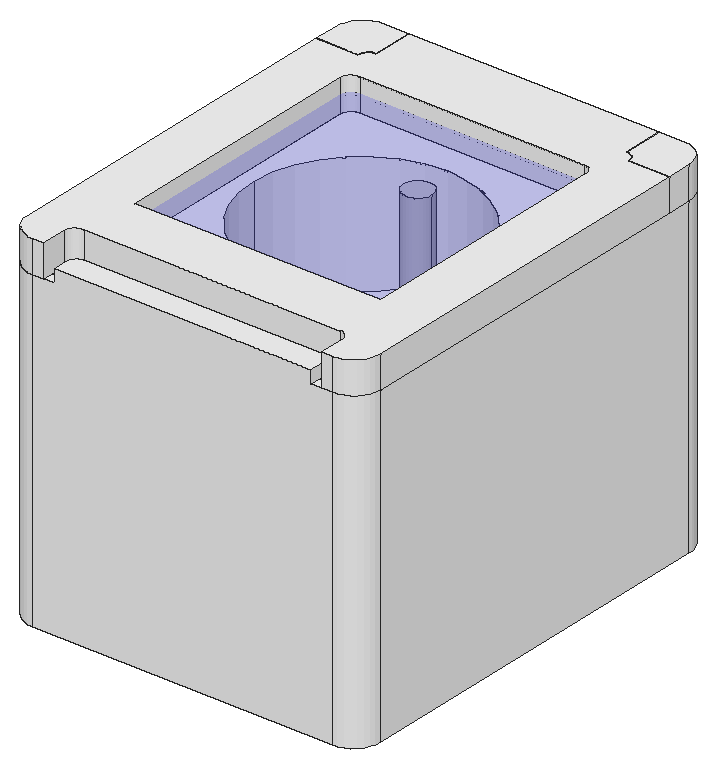
Revit family "Domotics-DomesticRanges-GEWISS-27COMBI_SYSTEM-IP55_SOCKET-OUTLET_FRA", category Apparecchi elettrici, host Superficie, Revit 2016
Family settings
  Host = Superficie
  Mantenere orientamento annotazione = Sì
  Tipo di parte = Normale
  Quota connettore circolare = Usa diametro
  Taglio con vuoti quando caricato = No
  Condiviso = No
  Punto di calcolo locali = Sì
Parameters (values of type "GW27845 - 2P+E 16A french std socket IP55")
  Voltage: = "250 V ac"
  Voltage = "250 V ac"
  Volt = 230 V
  Vista in pianta [instance] = yes
  Version file RFA = "19.4"
  URL = "https://www.gewiss.com/ww/en"
  Type of knockout holes = "Removable with tool"
  Torque screws tightening = "0,8NM"
  Thermo-pressure with ball = "70 °C"
  Technical sheet = "https://www.gewiss.com/ww/en/search?q=GW27845"
  TXT ELETTRICO [instance] = "16"
  Standard; = "IEC 60884-1"
  Standard = "IEC 60884-1"
  Sportello chiuso [instance] = yes
  Simbolo [instance] = yes
  SEO = "Enclosure"
  Realized by GEWISS S.p.A. = ""
  Default Elevation = 1219.2 mm
  Produttore = "GEWISS S.p.A."
  Outer dim. LxHxD (mm) = "66x82x65"
  No. knockout holes Ã˜23 = "3 on sides / 1 on the bottom"
  N. poli = 1
  N. holes Ã˜ 23 with cable gland = "1"
  Modello = "GW27845"
  Lid screws = "Stainless steel"
  Insulation class = "II"
  Installation temperature = "-25 +60 °C"
  Immagine tipo = GW27845.jpg
  IP degree = "IP55"
  IFC.TypeObject = ""
  IFC.ExportType = ""
  IFC.ExportAs = ""
  IDT = "11e1d007-a5aa-4de5-b22c-509fa6353a3c"
  IDF = "808ca632-b93e-46bc-af07-e022c3dcd60a"
  Glow Wire Test = "650°C"
  Electrocod = "0131"
  EAN code = "8011564095496"
  Door type = "With membrane"
  Door colour: = "Transparent"
  Distanza_x [instance] = 0 mm
  Distanza_effettiva_y [instance] = 100 mm
  Distanza_effettiva_x [instance] = 1000 mm - Distanza_x  # 1000 mm
  Distanza orizzontale del simbolo [instance] = 98.11 mm
  Distanza dal muro [instance] = 4.208 mm
  Descrizione = "2P+E 16A FRENCH STD SOCKET IP55"
  Description: = "Socket-outlet 2P+E - 16A"
  Colour = "Grey RAL 7035"
  Characteristics = "French standard"
  Catalogue Range = "27COMBI"
  Catalogue = "DOMOTICS"
  Carico apparente = 0 VA
  COBie.Tagnumber = ""
  COBie.CreatedOn = ""
  COBie.CreatebBy = ""
  COBie.ComponentRegisterItemID = ""
  COBie.Component.TagNumber = ""
  COBie.Component.Space = ""
  COBie.Component.SerialNumber = ""
  COBie.Component.InstallationDate = ""
  COBie.Component.Description = ""
  COBie.Component.BarCode = ""
Reference planes
  plane 1 "Centro (Fronte/Retro)": y = 0
  plane 2: z = 0
  plane 3 "Centro (Sinistra/Destra)": x = 0
  plane 4: x = -1000
  plane 5: x = 0
  plane 6: y = 100
Lines and regions (mm)
  Masking region 1, visible <- "Vista in pianta"
    outline origin (0, 0, 0) x (1, 0, 0) y (0, 0, 1)
      loop
        line (-33, 65) -> (-33, 0) -> (33, 0) -> (33, 65) -> (-33, 65)
  Masking region 2, visible <- "Vista in pianta"
    outline origin (0, 0, 0) x (0, 1, 0) y (0, 0, 1)
      loop
        line (-35.488, 65) -> (-35.488, 0) -> (46.512, 0) -> (46.512, 65) -> (-35.488, 65)
  Masking region 3, visible <- "Vista in pianta"
    outline origin (0, 0, 0) x (1, 0, 0) y (0, 1, 0)
      loop
        line (-28, -35.488) -> (28, -35.488)
        arc (28, -35.488) -> (31.536, -34.024) -> (33, -30.488) r 5
        line (33, -30.488) -> (33, 41.512)
        arc (33, 41.512) -> (31.536, 45.048) -> (28, 46.512) r 5
        line (28, 46.512) -> (-28, 46.512)
        arc (-28, 46.512) -> (-31.536, 45.048) -> (-33, 41.512) r 5
        line (-33, 41.512) -> (-33, -30.488)
        arc (-33, -30.488) -> (-31.536, -34.024) -> (-28, -35.488) r 5
      loop
        line (-31, 41.512) -> (-31, -30.488)
        arc (-31, -30.488) -> (-30.121, -32.609) -> (-28, -33.488) r 3
        line (-28, -33.488) -> (28, -33.488)
        arc (28, -33.488) -> (30.121, -32.609) -> (31, -30.488) r 3
        line (31, -30.488) -> (31, 41.512)
        arc (31, 41.512) -> (30.121, 43.633) -> (28, 44.512) r 3
        line (28, 44.512) -> (-28, 44.512)
        arc (-28, 44.512) -> (-30.121, 43.633) -> (-31, 41.512) r 3
      loop
        line (-23, -17.988) -> (23, -17.988) -> (23, 30.012)
        arc (23, 30.012) -> (22.414, 31.426) -> (21, 32.012) r 2
        line (21, 32.012) -> (-21, 32.012)
        arc (-21, 32.012) -> (-22.414, 31.426) -> (-23, 30.012) r 2
        line (-23, 30.012) -> (-23, -17.988)
      loop
        circle (0, 6.25) r 20.156
      loop
        circle (-11.281, 6.543) r 3.536
      loop
        circle (0, 19.432) r 2.674
      loop
        circle (11.281, 6.543) r 3.536
      loop
        arc (-23.996, -28.735) -> (-25.41, -29.321) -> (-25.996, -30.735) r 2
        line (-25.996, -30.735) -> (-25.996, -33.111) -> (25.996, -33.111) -> (25.996, -30.735)
        arc (25.996, -30.735) -> (25.41, -29.321) -> (23.996, -28.735) r 2
        line (23.996, -28.735) -> (-23.996, -28.735)
      loop
        arc (23.996, -32.735) -> (23.41, -31.321) -> (21.996, -30.735) r 2
        line (21.996, -30.735) -> (-21.996, -30.735)
        arc (-21.996, -30.735) -> (-23.41, -31.321) -> (-23.996, -32.735) r 2
        line (-23.996, -32.735) -> (23.996, -32.735)
Dimensions and locks
  plane 4 to plane 3 "Centro (Sinistra/Destra)" = 1000 mm
  "Distanza_effettiva_x": plane 4 to plane 5
  "Distanza_effettiva_y": plane 6 to plane 1 "Centro (Fronte/Retro)"
  aligned and locked: plane 2 to host face
  aligned and locked: level to host face
  aligned and locked: plane 3 "Centro (Sinistra/Destra)" to nested 1
  aligned and locked: plane 1 "Centro (Fronte/Retro)" to nested 1
  aligned and locked: plane 5 to nested 2
  aligned and locked: nested 2 to plane 6
  aligned and locked: Masking region 1 sketch curve to nested 1  (x4)
  aligned and locked: Masking region 2 sketch curve to nested 1  (x4)
Automatic sketch dimensions
  host sketch curve to host sketch curve = 2438.4 mm  (x2)
  Masking region 3 sketch curve to Masking region 3 sketch curve = 0 mm  (x9)
  Masking region 3 sketch curve to plane 3 "Centro (Sinistra/Destra)" = 0 mm  (x2)
  Masking region 3 sketch curve to plane 3 "Centro (Sinistra/Destra)" = 11.281 mm
  Masking region 3 sketch curve to plane 3 "Centro (Sinistra/Destra)" = 21 mm
  Masking region 3 sketch curve to plane 3 "Centro (Sinistra/Destra)" = 21.996 mm
  Masking region 3 sketch curve to Masking region 3 sketch curve = 1.004 mm
  Masking region 3 sketch curve to Masking region 3 sketch curve = 2 mm  (x6)
  Masking region 3 sketch curve to Masking region 3 sketch curve = 7 mm  (x2)
  Masking region 3 sketch curve to Masking region 3 sketch curve = 2.004 mm
  Masking region 3 sketch curve to Masking region 3 sketch curve = 3 mm  (x2)
  plane 3 "Centro (Sinistra/Destra)" to Masking region 3 sketch curve = 11.281 mm
  plane 3 "Centro (Sinistra/Destra)" to Masking region 3 sketch curve = 21 mm
  plane 3 "Centro (Sinistra/Destra)" to Masking region 3 sketch curve = 21.996 mm
  Masking region 3 sketch curve to Masking region 3 sketch curve = 4.004 mm
  plane 1 "Centro (Fronte/Retro)" to Masking region 3 sketch curve = 35.488 mm
  Masking region 3 sketch curve to Masking region 3 sketch curve = 0.377 mm  (x2)
  Masking region 3 sketch curve to Masking region 3 sketch curve = 10.747 mm
  Masking region 3 sketch curve to plane 1 "Centro (Fronte/Retro)" = 6.25 mm
  Masking region 3 sketch curve to plane 1 "Centro (Fronte/Retro)" = 6.543 mm  (x2)
  Masking region 3 sketch curve to Masking region 3 sketch curve = 13.182 mm
  Masking region 3 sketch curve to Masking region 3 sketch curve = 10.58 mm
  Masking region 3 sketch curve to Masking region 3 sketch curve = 9.5 mm
  Masking region 3 sketch curve to Masking region 3 sketch curve = 2.674 mm
  Masking region 3 sketch curve to Masking region 3 sketch curve = 3.536 mm  (x2)
  Masking region 3 sketch curve to Masking region 3 sketch curve = 5.339 mm
Nested families
  nested 1: "System Contenitori IP55 Compl Prese Fra_GENERICO" at (0, 0, 0), Sportellino Chiuso <- "Sportello chiuso", type "GW27845 Presa standard Francese 2P+T 16A stagna"
    with Sportellino Chiuso yes, Sportellino Aperto no
  nested 2: "SIMBOLO PRESE" at (0, 100, 0), TESTO ELETTRICO <- "TXT ELETTRICO", Distanza dal muro <- "Distanza dal muro", SIMBOLO <- "Simbolo", visible <- "Simbolo", type "PRESA"
    with TESTO ELETTRICO "16", SIMBOLO yes, Distanza dal muro 4.208 mm, BORDO ACCESO yes
Connectors
  electrical at (0, 5.512, 0), driven by "N. poli", driven by "Volt", driven by "Carico apparente"
    settings: on nested 1, index 1, voltage 230 V, apparent load 0 VA, apparent load phase1 0 VA, apparent load phase2 0 VA, apparent load phase3 0 VA, power factor 1, load classification "Altro", number of poles 1, system type 31, power factor state 1, is connector primary yes, connector utility no, sub classification motor no, connector description ""
Definition of nested family "System Contenitori IP55 Compl Prese Fra_GENERICO"
  Parameters (values of type "GW27845 Presa standard Francese 2P+T 16A stagna")
    Vetro Sportello = none
    Sportellino Chiuso [instance] = yes
    Sportellino Aperto [instance] = not(Sportellino Chiuso)  # no
    Profondità = 32 mm
    Lunghezza = 82 mm
    Larghezza = 66 mm
    Contenitore = none
    Altezza da terra = 750 mm
  Reference planes
    plane 1 "Centro (Fronte/Retro)": y = 0
    plane 2: z = 0
    plane 3 "Centro (Sinistra/Destra)": x = 0
    plane 4: y = -35.488
    plane 5: x = -33
    plane 6: x = 33
    plane 7: y = 46.512
    plane 8: x = -23
    plane 9: x = 23
    plane 10: y = -17.988
    plane 11: y = 41.512
    plane 12: y = 43.737
    plane 13 "Lato Superiore Vetro Aperto": y = 44.237
    plane 14: z = 65
    plane 15: z = 59
    plane 16: z = 62.25
    plane 17: z = 61.75
    plane 18: z = 60
    plane 19: z = 36
    plane 20: z = 35
  Forms (mm)
    Extrusion 1, solid, material <- "Contenitore"
      sketch origin (0, 0, 27) x (1, 0, 0) y (0, 1, 0)
        loop
          arc (-28, 46.512) -> (-31.536, 45.048) -> (-33, 41.512) r 5
          line (-33, 41.512) -> (-33, -30.488)
          arc (-33, -30.488) -> (-31.536, -34.024) -> (-28, -35.488) r 5
          line (-28, -35.488) -> (28, -35.488)
          arc (28, -35.488) -> (31.536, -34.024) -> (33, -30.488) r 5
          line (33, -30.488) -> (33, 41.512)
          arc (33, 41.512) -> (31.536, 45.048) -> (28, 46.512) r 5
          line (28, 46.512) -> (-28, 46.512)
        loop
          arc (-31, -30.488) -> (-30.121, -32.609) -> (-28, -33.488) r 3
          line (-28, -33.488) -> (28, -33.488)
          arc (28, -33.488) -> (30.121, -32.609) -> (31, -30.488) r 3
          line (31, -30.488) -> (31, 41.512)
          arc (31, 41.512) -> (30.121, 43.633) -> (28, 44.512) r 3
          line (28, 44.512) -> (-28, 44.512)
          arc (-28, 44.512) -> (-30.121, 43.633) -> (-31, 41.512) r 3
          line (-31, 41.512) -> (-31, -30.488)
      from 32 to -27
    Extrusion 2, solid, material <- "Contenitore", visible <- "Sportellino Chiuso", detail levels fine
      sketch origin (0, 0, 27) x (1, 0, 0) y (0, 1, 0)
        loop
          line (-23.414, 46.512) -> (-23.414, 38.927)
          arc (-23.414, 38.927) -> (-24.751, 38.373) -> (-25.304, 37.037) r 1.89
          line (-25.304, 37.037) -> (-33, 37.037) -> (-33, -30.488)
          arc (-33, -30.488) -> (-31.536, -34.024) -> (-28, -35.488) r 5
          line (-28, -35.488) -> (-25.996, -35.488) -> (-25.996, -30.735)
          arc (-25.996, -30.735) -> (-25.41, -29.321) -> (-23.996, -28.735) r 2
          line (-23.996, -28.735) -> (23.996, -28.735)
          arc (23.996, -28.735) -> (25.41, -29.321) -> (25.996, -30.735) r 2
          line (25.996, -30.735) -> (25.996, -35.488) -> (28, -35.488)
          arc (28, -35.488) -> (31.536, -34.024) -> (33, -30.488) r 5
          line (33, -30.488) -> (33, 37.037) -> (25.304, 37.037)
          arc (25.304, 37.037) -> (24.751, 38.373) -> (23.414, 38.927) r 1.89
          line (23.414, 38.927) -> (23.414, 46.512) -> (-23.414, 46.512)
        loop
          arc (-21, 32.012) -> (-22.414, 31.426) -> (-23, 30.012) r 2
          line (-23, 30.012) -> (-23, -17.988) -> (23, -17.988) -> (23, 30.012)
          arc (23, 30.012) -> (22.414, 31.426) -> (21, 32.012) r 2
          line (21, 32.012) -> (-21, 32.012)
      from 38 to 32
    Extrusion 3, solid, material <- "Contenitore"
      sketch origin (0, 0, 27) x (1, 0, 0) y (0, 1, 0)
        loop
          line (-23.996, -35.488) -> (23.996, -35.488) -> (23.996, -32.735)
          arc (23.996, -32.735) -> (23.41, -31.321) -> (21.996, -30.735) r 2
          line (21.996, -30.735) -> (-21.996, -30.735)
          arc (-21.996, -30.735) -> (-23.41, -31.321) -> (-23.996, -32.735) r 2
          line (-23.996, -32.735) -> (-23.996, -35.488)
      from 32 to 34.388
    Extrusion 4, solid, material <- "Vetro Sportello", visible <- "Sportellino Chiuso"
      sketch origin (0, 0, 29.5) x (1, 0, 0) y (0, 1, 0)
        loop
          arc (-21, 32.012) -> (-22.414, 31.426) -> (-23, 30.012) r 2
          line (-23, 30.012) -> (-23, -17.988) -> (23, -17.988) -> (23, 30.012)
          arc (23, 30.012) -> (22.414, 31.426) -> (21, 32.012) r 2
          line (21, 32.012) -> (-21, 32.012)
      from 32.25 to 32.75
    Extrusion 5, solid, material <- "Contenitore", detail levels fine
      sketch origin (0, 0, 27) x (1, 0, 0) y (0, 1, 0)
        loop
          arc (-28, 46.512) -> (-31.536, 45.048) -> (-33, 41.512) r 5
          line (-33, 41.512) -> (-33, 37.037) -> (-25.304, 37.037)
          arc (-25.304, 37.037) -> (-24.751, 38.373) -> (-23.414, 38.927) r 1.89
          line (-23.414, 38.927) -> (-23.414, 46.512) -> (-28, 46.512)
      from 32 to 38
    Extrusion 6, solid, material <- "Contenitore", detail levels fine
      sketch origin (0, 0, 27) x (1, 0, 0) y (0, 1, 0)
        loop
          line (23.414, 46.512) -> (23.414, 38.927)
          arc (23.414, 38.927) -> (24.751, 38.373) -> (25.304, 37.037) r 1.89
          line (25.304, 37.037) -> (33, 37.037) -> (33, 41.512)
          arc (33, 41.512) -> (31.536, 45.048) -> (28, 46.512) r 5
          line (28, 46.512) -> (23.414, 46.512)
      from 32 to 38
    Extrusion 7, solid, material <- "Contenitore", visible <- "Sportellino Aperto", detail levels fine
      sketch origin (0, -785.488, 59) x (1, 0, 0) y (0, 0, -1)
        loop
          line (-23.414, 0) -> (-23.414, -7.585)
          arc (-23.414, -7.585) -> (-24.751, -8.139) -> (-25.304, -9.475) r 1.89
          line (-25.304, -9.475) -> (-33, -9.475) -> (-33, -77)
          arc (-33, -77) -> (-31.536, -80.536) -> (-28, -82) r 5
          line (-28, -82) -> (-25.996, -82) -> (-25.996, -77.697)
          arc (-25.996, -77.697) -> (-25.278, -75.964) -> (-23.545, -75.247) r 2.45
          line (-23.545, -75.247) -> (23.496, -75.247)
          arc (23.496, -75.247) -> (25.264, -75.979) -> (25.996, -77.747) r 2.5
          line (25.996, -77.747) -> (25.996, -82) -> (28, -82)
          arc (28, -82) -> (31.536, -80.536) -> (33, -77) r 5
          line (33, -77) -> (33, -9.475) -> (25.304, -9.475)
          arc (25.304, -9.475) -> (24.751, -8.139) -> (23.414, -7.585) r 1.89
          line (23.414, -7.585) -> (23.414, 0) -> (-23.414, 0)
        loop
          arc (-20.971, -14.5) -> (-22.406, -15.094) -> (-23, -16.529) r 2.029
          line (-23, -16.529) -> (-23, -64.5) -> (23, -64.5) -> (23, -16.473)
          arc (23, -16.473) -> (22.422, -15.078) -> (21.027, -14.5) r 1.973
          line (21.027, -14.5) -> (-20.971, -14.5)
      from 827 to 832
    Extrusion 8, solid, material <- "Contenitore"
      sketch origin (0, 0, 54) x (1, 0, 0) y (0, 1, 0)
        loop
          arc (-31, -30.488) -> (-30.121, -32.609) -> (-28, -33.488) r 3
          line (-28, -33.488) -> (28, -33.488)
          arc (28, -33.488) -> (30.121, -32.609) -> (31, -30.488) r 3
          line (31, -30.488) -> (31, 41.512)
          arc (31, 41.512) -> (30.121, 43.633) -> (28, 44.512) r 3
          line (28, 44.512) -> (-28, 44.512)
          arc (-28, 44.512) -> (-30.121, 43.633) -> (-31, 41.512) r 3
          line (-31, 41.512) -> (-31, -30.488)
        loop
          line (21, 32.012) -> (-21, 32.012)
          arc (-21, 32.012) -> (-22.414, 31.426) -> (-23, 30.012) r 2
          line (-23, 30.012) -> (-23, -17.988) -> (23, -17.988) -> (23, 30.012)
          arc (23, 30.012) -> (22.414, 31.426) -> (21, 32.012) r 2
      from 5 to -19
    Extrusion 9, solid, material <- "Contenitore"
      sketch origin (0, 0, 0) x (1, 0, 0) y (0, 1, 0)
        loop
          line (21, 32.012) -> (-21, 32.012)
          arc (-21, 32.012) -> (-22.414, 31.426) -> (-23, 30.012) r 2
          line (-23, 30.012) -> (-23, -17.988) -> (23, -17.988) -> (23, 30.012)
          arc (23, 30.012) -> (22.414, 31.426) -> (21, 32.012) r 2
      from 36 to 35
    Extrusion 10, solid, material <- "Contenitore"
      sketch origin (0, 0, 0) x (1, 0, 0) y (0, 1, 0)
        loop
          circle (0, 6.25) r 20.156
        loop
          line (21, 32.012) -> (-21, 32.012)
          arc (-21, 32.012) -> (-22.414, 31.426) -> (-23, 30.012) r 2
          line (-23, 30.012) -> (-23, -17.988) -> (23, -17.988) -> (23, 30.012)
          arc (23, 30.012) -> (22.414, 31.426) -> (21, 32.012) r 2
      from 36 to 59
    Extrusion 11, solid
      sketch origin (0, 0, 0) x (1, 0, 0) y (0, 1, 0)
        loop
          circle (-11.281, 6.543) r 3.536
        loop
          circle (11.281, 6.543) r 3.536
      from 0 to 35
    Extrusion 12, void, detail levels fine
      sketch origin (0, 0, 0) x (1, 0, 0) y (0, 1, 0)
        loop
          circle (-11.281, 6.543) r 3.536
        loop
          circle (11.281, 6.543) r 3.536
      from 35 to 36
    Extrusion 13, solid, detail levels fine
      sketch origin (0, 0, 0) x (1, 0, 0) y (0, 1, 0)
        loop
          circle (0, 19.432) r 2.674
      from 36 to 59
  Cuts and joins
    joined: Extrusion 1, Extrusion 3
    Extrusion 12 cuts Extrusion 4
    Extrusion 12 cuts Extrusion 9
    Extrusion 12 cuts Extrusion 11
  Lines and regions (mm)
    model lines, detail levels medium+fine
      curve 1: circle (0, 6.25, 36) r 20.156 normal (0, 0, -1)
    model lines, detail levels fine
      curve 2: circle (-11.281, 6.543, 36) r 3.536 normal (0, 0, -1)
      curve 3: circle (11.281, 6.543, 36) r 3.536 normal (0, 0, -1)
      curve 4: circle (0, 19.432, 36) r 2.674 normal (0, 0, 1)
  Dimensions and locks
    equal spacing: plane 6, plane 3 "Centro (Sinistra/Destra)", plane 5
    "Larghezza": plane 6 to plane 5
    locked: plane 9 to plane 6 at 10
    locked: plane 8 to plane 5 at 10
    plane 14 to plane 2 = 65 mm
    locked: plane 14 to plane 15 at 6
    plane 14 to plane 15 = 6 mm
    plane 14 to plane 16 to plane 17 = 2.75 mm locked, 0.5 mm locked
    Extrusion 2 to Extrusion 8 = 30 mm
    locked: plane 15 to plane 19 at 23
    aligned and locked: level to plane 2
    aligned and locked: plane 5 to Extrusion 2 sketch curve
    aligned and locked: plane 6 to Extrusion 2 sketch curve
    aligned and locked: Extrusion 2 sketch curve to plane 7
    aligned and locked: plane 4 to Extrusion 2 sketch curve  (x2)
    aligned and locked: plane 8 to Extrusion 4 sketch curve
    aligned and locked: plane 9 to Extrusion 4 sketch curve
    aligned and locked: plane 10 to Extrusion 4 sketch curve
    aligned and locked: plane 8 to Extrusion 2 sketch curve
    aligned and locked: plane 10 to Extrusion 2 sketch curve
    aligned and locked: plane 9 to Extrusion 2 sketch curve
    aligned and locked: Extrusion 5 sketch curve to plane 7
    aligned and locked: Extrusion 6 sketch curve to plane 7
    aligned and locked: plane 6 to Extrusion 6 sketch curve
    aligned and locked: Extrusion 7 sketch curve to plane 5
    aligned and locked: plane 6 to Extrusion 7 sketch curve
    aligned and locked: plane 8 to Extrusion 7 sketch curve
    aligned and locked: Extrusion 7 sketch curve to plane 9
    aligned and locked: Extrusion 7 to plane 7
    aligned and locked: Extrusion 7 to plane 11
    aligned and locked: Extrusion 2 to Extrusion 5  (x2)
    aligned and locked: plane 14 to Extrusion 2
    aligned and locked: plane 15 to Extrusion 8
    aligned and locked: Extrusion 2 to Extrusion 8
    aligned and locked: Extrusion 6 to Extrusion 2
    aligned and locked: Extrusion 2 to Extrusion 6
    aligned and locked: Extrusion 3 to Extrusion 2
    aligned and locked: Extrusion 4 to plane 17
    aligned and locked: Extrusion 4 to plane 16
    aligned and locked: Extrusion 1 to Extrusion 2
    aligned and locked: Extrusion 9 to plane 20
    aligned and locked: Extrusion 10 to curve 1
    aligned and locked: Extrusion 10 to Extrusion 2
    aligned and locked: Extrusion 8 to Extrusion 9
    aligned and locked: plane 20 to Extrusion 11
    aligned and locked: Extrusion 8 to Extrusion 12
    aligned and locked: curve 1 to Extrusion 12
  Automatic sketch dimensions
    Extrusion 3 sketch curve to plane 4 = 0 mm
    Extrusion 3 sketch curve to plane 8 = 0.996 mm
    plane 8 to Extrusion 3 sketch curve = 1.004 mm
    plane 9 to Extrusion 3 sketch curve = 1.004 mm
    Extrusion 3 sketch curve to plane 9 = 0.996 mm
    plane 4 to Extrusion 3 sketch curve = 2.753 mm
    plane 5 to Extrusion 7 sketch curve = 5 mm
    Extrusion 7 sketch curve to Extrusion 7 sketch curve = 2.004 mm  (x2)
    Extrusion 7 sketch curve to plane 8 = 2.304 mm
    Extrusion 7 sketch curve to plane 8 = 0.545 mm
    Extrusion 7 sketch curve to plane 8 = 0.414 mm
    plane 8 to Extrusion 7 sketch curve = 2.029 mm
    plane 9 to Extrusion 7 sketch curve = 1.973 mm
    Extrusion 7 sketch curve to plane 9 = 0.414 mm
    Extrusion 7 sketch curve to plane 9 = 0.496 mm
    Extrusion 7 sketch curve to Extrusion 7 sketch curve = 1.89 mm
    Extrusion 7 sketch curve to plane 9 = 2.996 mm
    level to Extrusion 7 sketch curve = 141 mm
    Extrusion 7 sketch curve to Extrusion 7 sketch curve = 0 mm
    Extrusion 7 sketch curve to Extrusion 7 sketch curve = 0.747 mm
    Extrusion 7 sketch curve to Extrusion 7 sketch curve = 10.747 mm
    Extrusion 7 sketch curve to Extrusion 7 sketch curve = 47.971 mm
    Extrusion 7 sketch curve to Extrusion 7 sketch curve = 5.025 mm  (x2)
    Extrusion 7 sketch curve to Extrusion 7 sketch curve = 7.585 mm
    Extrusion 1 sketch curve to Extrusion 1 sketch curve = 0 mm  (x8)
    Extrusion 1 sketch curve to plane 5 = 0 mm
    Extrusion 1 sketch curve to plane 11 = 0 mm  (x2)
    Extrusion 1 sketch curve to plane 4 = 0 mm
    Extrusion 1 sketch curve to plane 7 = 0 mm
    Extrusion 1 sketch curve to plane 6 = 0 mm
    plane 5 to Extrusion 1 sketch curve = 2 mm
    Extrusion 1 sketch curve to Extrusion 1 sketch curve = 3 mm
    plane 6 to Extrusion 1 sketch curve = 5 mm
    Extrusion 2 sketch curve to Extrusion 2 sketch curve = 5 mm
    Extrusion 2 sketch curve to Extrusion 2 sketch curve = 2.004 mm  (x2)
    Extrusion 2 sketch curve to plane 8 = 2.304 mm
    Extrusion 2 sketch curve to plane 8 = 0.996 mm
    Extrusion 2 sketch curve to plane 8 = 0.414 mm
    Extrusion 2 sketch curve to Extrusion 2 sketch curve = 2 mm  (x2)
    Extrusion 2 sketch curve to plane 9 = 0.414 mm
    Extrusion 2 sketch curve to plane 9 = 0.996 mm
    Extrusion 2 sketch curve to Extrusion 2 sketch curve = 1.89 mm
    Extrusion 2 sketch curve to plane 9 = 2.996 mm
    Extrusion 2 sketch curve to Extrusion 2 sketch curve = 0.247 mm
    Extrusion 2 sketch curve to plane 11 = 11.5 mm
    Extrusion 2 sketch curve to plane 11 = 4.475 mm  (x2)
    Extrusion 4 sketch curve to Extrusion 4 sketch curve = 2 mm  (x2)
    Extrusion 4 sketch curve to plane 11 = 11.5 mm
    Extrusion 5 sketch curve to plane 5 = 0 mm
    Extrusion 5 sketch curve to plane 11 = 0 mm
    Extrusion 5 sketch curve to plane 8 = 2.304 mm
    Extrusion 5 sketch curve to plane 8 = 0.414 mm
    Extrusion 5 sketch curve to plane 11 = 2.585 mm
    Extrusion 6 sketch curve to plane 11 = 0 mm
    Extrusion 6 sketch curve to plane 9 = 2.304 mm
    Extrusion 6 sketch curve to plane 9 = 0.414 mm
    Extrusion 6 sketch curve to plane 11 = 2.585 mm
    Extrusion 8 sketch curve to plane 11 = 0 mm  (x2)
    Extrusion 8 sketch curve to plane 8 = 0 mm
    Extrusion 8 sketch curve to plane 9 = 0 mm
    Extrusion 8 sketch curve to plane 10 = 0 mm
    plane 5 to Extrusion 8 sketch curve = 5 mm  (x2)
    plane 5 to Extrusion 8 sketch curve = 2 mm
    plane 8 to Extrusion 8 sketch curve = 2 mm
    Extrusion 8 sketch curve to Extrusion 8 sketch curve = 2 mm
    plane 6 to Extrusion 8 sketch curve = 5 mm
    plane 4 to Extrusion 8 sketch curve = 2 mm
    Extrusion 8 sketch curve to Extrusion 8 sketch curve = 3 mm
    Extrusion 8 sketch curve to plane 11 = 11.5 mm
    Extrusion 9 sketch curve to plane 8 = 0 mm
    Extrusion 9 sketch curve to plane 9 = 0 mm
    Extrusion 9 sketch curve to plane 10 = 0 mm
    Extrusion 9 sketch curve to Extrusion 9 sketch curve = 2 mm
    plane 9 to Extrusion 9 sketch curve = 2 mm
    Extrusion 9 sketch curve to plane 11 = 11.5 mm
    curve 4 to plane 3 "Centro (Sinistra/Destra)" = 0 mm
    curve 1 to plane 3 "Centro (Sinistra/Destra)" = 0 mm
    curve 2 to plane 3 "Centro (Sinistra/Destra)" = 11.281 mm
    plane 3 "Centro (Sinistra/Destra)" to curve 3 = 11.281 mm
    Extrusion 10 sketch curve to plane 8 = 0 mm
    Extrusion 10 sketch curve to plane 3 "Centro (Sinistra/Destra)" = 0 mm
    Extrusion 10 sketch curve to plane 9 = 0 mm
    Extrusion 10 sketch curve to plane 10 = 0 mm
    Extrusion 10 sketch curve to Extrusion 10 sketch curve = 2 mm  (x2)
    Extrusion 10 sketch curve to plane 11 = 11.5 mm
    curve 4 to plane 1 "Centro (Fronte/Retro)" = 19.432 mm
    curve 3 to plane 1 "Centro (Fronte/Retro)" = 6.543 mm
    curve 2 to plane 1 "Centro (Fronte/Retro)" = 6.543 mm
    curve 1 to plane 1 "Centro (Fronte/Retro)" = 6.25 mm
    Extrusion 10 sketch curve to plane 1 "Centro (Fronte/Retro)" = 6.25 mm
    Extrusion 12 sketch curve to plane 3 "Centro (Sinistra/Destra)" = 11.281 mm
    Extrusion 12 sketch curve to plane 1 "Centro (Fronte/Retro)" = 6.543 mm  (x2)
    Extrusion 12 sketch curve to Extrusion 12 sketch curve = 3.536 mm  (x2)
    Extrusion 12 sketch curve to Extrusion 12 sketch curve = 0 mm  (x2)
    plane 3 "Centro (Sinistra/Destra)" to Extrusion 12 sketch curve = 11.281 mm
    radius of curve 1 = 20.156 mm
    radius of curve 2 = 3.536 mm
    radius of curve 3 = 3.536 mm
    radius of curve 4 = 2.674 mm
    radius of Extrusion 10 sketch curve = 20.156 mm
Definition of nested family "SIMBOLO PRESE"
  Parameters (values of type "PRESA")
    TESTO ELETTRICO [instance] = "TXT"
    Simbolo = SIMBOLO PRESE_BASE : PRESA
    SIMBOLO [instance] = yes
    Distanza dal muro [instance] = 4.208 mm
    BORDO ACCESO [instance] = yes
  Reference planes
    plane 1: y = 0
    plane 2: x = 0
  Dimensions and locks
    aligned and locked: plane 1 to nested 1
    aligned and locked: plane 2 to nested 1
  Nested families
    nested 1: "SIMBOLO PRESE_BASE" at (0, 0, 0), type <- "Simbolo", TESTO ELETTRICO <- "TESTO ELETTRICO", BORDO ACCESO <- "BORDO ACCESO", visible <- "SIMBOLO", type "PRESA"
      with TESTO ELETTRICO "TXT", BORDO ACCESO yes
  Definition of nested family "SIMBOLO PRESE_BASE"
    Parameters (values of type "PRESA")
      TESTO ELETTRICO [instance] = "TXT"
      Distanza dal muro = 4.208 mm
      BORDO ACCESO [instance] = yes
    Reference planes
      plane 1: y = 0
      plane 2: x = 0
    Lines and regions (mm)
      detail lines, visible <- "BORDO ACCESO", not visible
        curve 1: line (-1.743, 9.208, 0) -> (2.057, 9.208, 0)
        curve 2: line (2.057, 9.208, 0) -> (2.057, 4.208, 0)
        curve 3: line (2.057, 4.208, 0) -> (-1.743, 4.208, 0)
        curve 4: line (-1.743, 4.208, 0) -> (-1.743, 9.208, 0)
        curve 5: line (-1.543, 9.008, 0) -> (1.857, 9.008, 0)
        curve 6: line (1.857, 9.008, 0) -> (1.857, 4.408, 0)
        curve 7: line (1.857, 4.408, 0) -> (-1.543, 4.408, 0)
        curve 8: line (-1.543, 4.408, 0) -> (-1.543, 9.008, 0)
      detail lines
        curve 9: line (0.783, 1.133, 0) -> (-0.783, 1.133, 0)
        curve 10: line (0, 1.133, 0) -> (0, 0.349, 0)
        curve 11: arc (-0.783, 1.916, 0) -> (0, 1.133, 0) -> (0.783, 1.916, 0) r 0.783
    Text (mm)
      label "TXT" at (0.016, 1.578, 0), shows "TESTO ELETTRICO"
